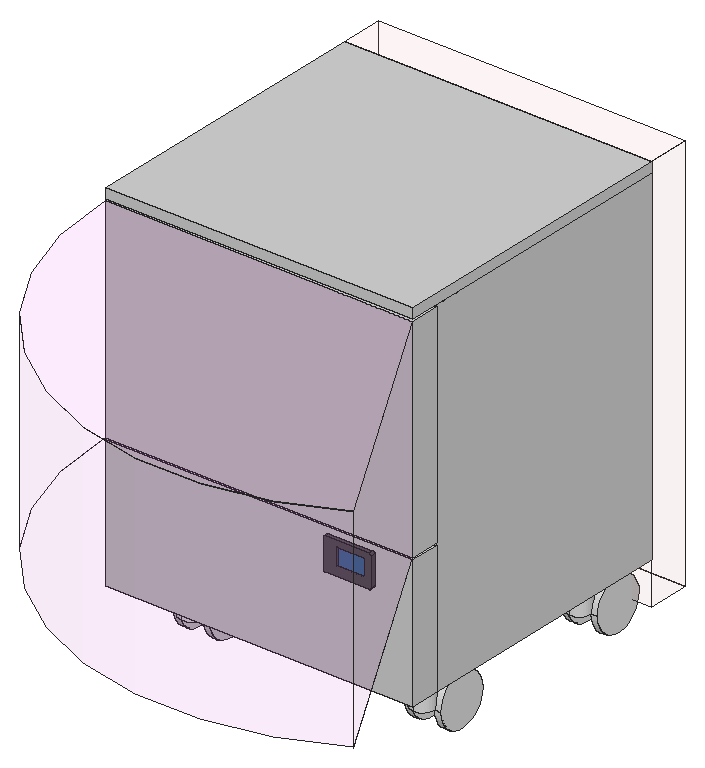
Revit family "Normann_ENTRY_ETR5A-R290", category Attrezzature speciali, Revit 2021 (continued)
Definition of nested family "Griglia_Entry_Lit"
  Lines and regions (mm)
    model lines, detail levels medium+fine
      curve 1371: line (494.528, -159.781, 0) -> (494.528, -189.781, 0)
      curve 1372: line (488.528, -159.781, 0) -> (494.528, -159.781, 0)
      curve 1373: line (488.528, -222.861, 0) -> (488.528, -192.861, 0)
      curve 1374: line (494.528, -222.861, 0) -> (488.528, -222.861, 0)
      curve 1375: line (494.528, -192.861, 0) -> (494.528, -222.861, 0)
      curve 1376: line (488.528, -192.861, 0) -> (494.528, -192.861, 0)
      curve 1377: line (488.528, -255.941, 0) -> (488.528, -225.941, 0)
      curve 1378: line (494.528, -255.941, 0) -> (488.528, -255.941, 0)
      curve 1379: line (494.528, -225.941, 0) -> (494.528, -255.941, 0)
      curve 1380: line (488.528, -225.941, 0) -> (494.528, -225.941, 0)
      curve 1381: line (497.128, -156.701, 0) -> (497.128, -126.701, 0)
      curve 1382: line (503.128, -156.701, 0) -> (497.128, -156.701, 0)
      curve 1383: line (503.128, -126.701, 0) -> (503.128, -156.701, 0)
      curve 1384: line (497.128, -126.701, 0) -> (503.128, -126.701, 0)
      curve 1385: line (497.128, -189.781, 0) -> (497.128, -159.781, 0)
      curve 1386: line (503.128, -189.781, 0) -> (497.128, -189.781, 0)
      curve 1387: line (503.128, -159.781, 0) -> (503.128, -189.781, 0)
      curve 1388: line (497.128, -159.781, 0) -> (503.128, -159.781, 0)
      curve 1389: line (497.128, -222.861, 0) -> (497.128, -192.861, 0)
      curve 1390: line (503.128, -222.861, 0) -> (497.128, -222.861, 0)
      curve 1391: line (503.128, -192.861, 0) -> (503.128, -222.861, 0)
      curve 1392: line (497.128, -192.861, 0) -> (503.128, -192.861, 0)
      curve 1393: line (497.128, -255.941, 0) -> (497.128, -225.941, 0)
      curve 1394: line (503.128, -255.941, 0) -> (497.128, -255.941, 0)
      curve 1395: line (503.128, -225.941, 0) -> (503.128, -255.941, 0)
      curve 1396: line (497.128, -225.941, 0) -> (503.128, -225.941, 0)
      curve 1397: line (505.728, -156.701, 0) -> (505.728, -126.701, 0)
      curve 1398: line (511.728, -156.701, 0) -> (505.728, -156.701, 0)
      curve 1399: line (511.728, -126.701, 0) -> (511.728, -156.701, 0)
      curve 1400: line (505.728, -126.701, 0) -> (511.728, -126.701, 0)
      curve 1401: line (505.728, -189.781, 0) -> (505.728, -159.781, 0)
      curve 1402: line (511.728, -189.781, 0) -> (505.728, -189.781, 0)
      curve 1403: line (511.728, -159.781, 0) -> (511.728, -189.781, 0)
      curve 1404: line (505.728, -159.781, 0) -> (511.728, -159.781, 0)
      curve 1405: line (505.728, -222.861, 0) -> (505.728, -192.861, 0)
      curve 1406: line (511.728, -222.861, 0) -> (505.728, -222.861, 0)
      curve 1407: line (511.728, -192.861, 0) -> (511.728, -222.861, 0)
      curve 1408: line (505.728, -192.861, 0) -> (511.728, -192.861, 0)
      curve 1409: line (505.728, -255.941, 0) -> (505.728, -225.941, 0)
      curve 1410: line (511.728, -255.941, 0) -> (505.728, -255.941, 0)
      curve 1411: line (511.728, -225.941, 0) -> (511.728, -255.941, 0)
      curve 1412: line (505.728, -225.941, 0) -> (511.728, -225.941, 0)
      curve 1413: line (514.328, -156.701, 0) -> (514.328, -126.701, 0)
      curve 1414: line (520.328, -156.701, 0) -> (514.328, -156.701, 0)
      curve 1415: line (520.328, -126.701, 0) -> (520.328, -156.701, 0)
      curve 1416: line (514.328, -126.701, 0) -> (520.328, -126.701, 0)
      curve 1417: line (514.328, -189.781, 0) -> (514.328, -159.781, 0)
      curve 1418: line (520.328, -189.781, 0) -> (514.328, -189.781, 0)
      curve 1419: line (520.328, -159.781, 0) -> (520.328, -189.781, 0)
      curve 1420: line (514.328, -159.781, 0) -> (520.328, -159.781, 0)
      curve 1421: line (514.328, -222.861, 0) -> (514.328, -192.861, 0)
      curve 1422: line (520.328, -222.861, 0) -> (514.328, -222.861, 0)
      curve 1423: line (520.328, -192.861, 0) -> (520.328, -222.861, 0)
      curve 1424: line (514.328, -192.861, 0) -> (520.328, -192.861, 0)
      curve 1425: line (514.328, -255.941, 0) -> (514.328, -225.941, 0)
      curve 1426: line (520.328, -255.941, 0) -> (514.328, -255.941, 0)
      curve 1427: line (520.328, -225.941, 0) -> (520.328, -255.941, 0)
      curve 1428: line (514.328, -225.941, 0) -> (520.328, -225.941, 0)
      curve 1429: line (522.928, -156.701, 0) -> (522.928, -126.701, 0)
      curve 1430: line (528.928, -156.701, 0) -> (522.928, -156.701, 0)
      curve 1431: line (528.928, -126.701, 0) -> (528.928, -156.701, 0)
      curve 1432: line (522.928, -126.701, 0) -> (528.928, -126.701, 0)
      curve 1433: line (522.928, -189.781, 0) -> (522.928, -159.781, 0)
      curve 1434: line (528.928, -189.781, 0) -> (522.928, -189.781, 0)
      curve 1435: line (528.928, -159.781, 0) -> (528.928, -189.781, 0)
      curve 1436: line (522.928, -159.781, 0) -> (528.928, -159.781, 0)
      curve 1437: line (522.928, -222.861, 0) -> (522.928, -192.861, 0)
      curve 1438: line (528.928, -222.861, 0) -> (522.928, -222.861, 0)
      curve 1439: line (528.928, -192.861, 0) -> (528.928, -222.861, 0)
      curve 1440: line (522.928, -192.861, 0) -> (528.928, -192.861, 0)
      curve 1441: line (522.928, -255.941, 0) -> (522.928, -225.941, 0)
      curve 1442: line (528.928, -255.941, 0) -> (522.928, -255.941, 0)
      curve 1443: line (528.928, -225.941, 0) -> (528.928, -255.941, 0)
      curve 1444: line (522.928, -225.941, 0) -> (528.928, -225.941, 0)
      curve 1445: line (564.128, -156.701, 0) -> (564.128, -126.701, 0)
      curve 1446: line (570.128, -156.701, 0) -> (564.128, -156.701, 0)
      curve 1447: line (570.128, -126.701, 0) -> (570.128, -156.701, 0)
      curve 1448: line (564.128, -126.701, 0) -> (570.128, -126.701, 0)
      curve 1449: line (564.128, -189.781, 0) -> (564.128, -159.781, 0)
      curve 1450: line (570.128, -189.781, 0) -> (564.128, -189.781, 0)
      curve 1451: line (570.128, -159.781, 0) -> (570.128, -189.781, 0)
      curve 1452: line (564.128, -159.781, 0) -> (570.128, -159.781, 0)
      curve 1453: line (564.128, -222.861, 0) -> (564.128, -192.861, 0)
      curve 1454: line (570.128, -222.861, 0) -> (564.128, -222.861, 0)
      curve 1455: line (570.128, -192.861, 0) -> (570.128, -222.861, 0)
      curve 1456: line (564.128, -192.861, 0) -> (570.128, -192.861, 0)
      curve 1457: line (564.128, -255.941, 0) -> (564.128, -225.941, 0)
      curve 1458: line (570.128, -255.941, 0) -> (564.128, -255.941, 0)
      curve 1459: line (570.128, -225.941, 0) -> (570.128, -255.941, 0)
      curve 1460: line (564.128, -225.941, 0) -> (570.128, -225.941, 0)
      curve 1461: line (572.728, -156.701, 0) -> (572.728, -126.701, 0)
      curve 1462: line (578.728, -156.701, 0) -> (572.728, -156.701, 0)
      curve 1463: line (578.728, -126.701, 0) -> (578.728, -156.701, 0)
      curve 1464: line (572.728, -126.701, 0) -> (578.728, -126.701, 0)
      curve 1465: line (572.728, -189.781, 0) -> (572.728, -159.781, 0)
      curve 1466: line (578.728, -189.781, 0) -> (572.728, -189.781, 0)
      curve 1467: line (578.728, -159.781, 0) -> (578.728, -189.781, 0)
      curve 1468: line (572.728, -159.781, 0) -> (578.728, -159.781, 0)
      curve 1469: line (572.728, -222.861, 0) -> (572.728, -192.861, 0)
      curve 1470: line (578.728, -222.861, 0) -> (572.728, -222.861, 0)
      curve 1471: line (578.728, -192.861, 0) -> (578.728, -222.861, 0)
      curve 1472: line (572.728, -192.861, 0) -> (578.728, -192.861, 0)
      curve 1473: line (572.728, -255.941, 0) -> (572.728, -225.941, 0)
      curve 1474: line (578.728, -255.941, 0) -> (572.728, -255.941, 0)
      curve 1475: line (578.728, -225.941, 0) -> (578.728, -255.941, 0)
      curve 1476: line (572.728, -225.941, 0) -> (578.728, -225.941, 0)
      curve 1477: line (581.328, -156.701, 0) -> (581.328, -126.701, 0)
      curve 1478: line (587.328, -156.701, 0) -> (581.328, -156.701, 0)
      curve 1479: line (587.328, -126.701, 0) -> (587.328, -156.701, 0)
      curve 1480: line (581.328, -126.701, 0) -> (587.328, -126.701, 0)
      curve 1481: line (581.328, -189.781, 0) -> (581.328, -159.781, 0)
      curve 1482: line (587.328, -189.781, 0) -> (581.328, -189.781, 0)
      curve 1483: line (587.328, -159.781, 0) -> (587.328, -189.781, 0)
      curve 1484: line (581.328, -159.781, 0) -> (587.328, -159.781, 0)
      curve 1485: line (581.328, -222.861, 0) -> (581.328, -192.861, 0)
      curve 1486: line (587.328, -222.861, 0) -> (581.328, -222.861, 0)
      curve 1487: line (587.328, -192.861, 0) -> (587.328, -222.861, 0)
      curve 1488: line (581.328, -192.861, 0) -> (587.328, -192.861, 0)
      curve 1489: line (581.328, -255.941, 0) -> (581.328, -225.941, 0)
      curve 1490: line (587.328, -255.941, 0) -> (581.328, -255.941, 0)
      curve 1491: line (587.328, -225.941, 0) -> (587.328, -255.941, 0)
      curve 1492: line (581.328, -225.941, 0) -> (587.328, -225.941, 0)
      curve 1493: line (589.928, -156.701, 0) -> (589.928, -126.701, 0)
      curve 1494: line (595.928, -156.701, 0) -> (589.928, -156.701, 0)
      curve 1495: line (595.928, -126.701, 0) -> (595.928, -156.701, 0)
      curve 1496: line (589.928, -126.701, 0) -> (595.928, -126.701, 0)
      curve 1497: line (589.928, -189.781, 0) -> (589.928, -159.781, 0)
      curve 1498: line (595.928, -189.781, 0) -> (589.928, -189.781, 0)
      curve 1499: line (595.928, -159.781, 0) -> (595.928, -189.781, 0)
      curve 1500: line (589.928, -159.781, 0) -> (595.928, -159.781, 0)
      curve 1501: line (589.928, -222.861, 0) -> (589.928, -192.861, 0)
      curve 1502: line (595.928, -222.861, 0) -> (589.928, -222.861, 0)
      curve 1503: line (595.928, -192.861, 0) -> (595.928, -222.861, 0)
      curve 1504: line (589.928, -192.861, 0) -> (595.928, -192.861, 0)
      curve 1505: line (589.928, -255.941, 0) -> (589.928, -225.941, 0)
      curve 1506: line (595.928, -255.941, 0) -> (589.928, -255.941, 0)
      curve 1507: line (595.928, -225.941, 0) -> (595.928, -255.941, 0)
      curve 1508: line (589.928, -225.941, 0) -> (595.928, -225.941, 0)
      curve 1509: line (598.528, -156.701, 0) -> (598.528, -126.701, 0)
      curve 1510: line (604.528, -156.701, 0) -> (598.528, -156.701, 0)
      curve 1511: line (604.528, -126.701, 0) -> (604.528, -156.701, 0)
      curve 1512: line (598.528, -126.701, 0) -> (604.528, -126.701, 0)
      curve 1513: line (598.528, -189.781, 0) -> (598.528, -159.781, 0)
      curve 1514: line (604.528, -189.781, 0) -> (598.528, -189.781, 0)
      curve 1515: line (604.528, -159.781, 0) -> (604.528, -189.781, 0)
      curve 1516: line (598.528, -159.781, 0) -> (604.528, -159.781, 0)
      curve 1517: line (598.528, -222.861, 0) -> (598.528, -192.861, 0)
      curve 1518: line (604.528, -222.861, 0) -> (598.528, -222.861, 0)
      curve 1519: line (604.528, -192.861, 0) -> (604.528, -222.861, 0)
      curve 1520: line (598.528, -192.861, 0) -> (604.528, -192.861, 0)
      curve 1521: line (598.528, -255.941, 0) -> (598.528, -225.941, 0)
      curve 1522: line (604.528, -255.941, 0) -> (598.528, -255.941, 0)
      curve 1523: line (604.528, -225.941, 0) -> (604.528, -255.941, 0)
      curve 1524: line (598.528, -225.941, 0) -> (604.528, -225.941, 0)
      curve 1525: line (186.083, -57.762, 0) -> (186.083, -27.762, 0)
      curve 1526: line (192.083, -57.762, 0) -> (186.083, -57.762, 0)
      curve 1527: line (192.083, -27.762, 0) -> (192.083, -57.762, 0)
      curve 1528: line (186.083, -27.762, 0) -> (192.083, -27.762, 0)
      curve 1529: line (186.083, -90.842, 0) -> (186.083, -60.842, 0)
      curve 1530: line (192.083, -90.842, 0) -> (186.083, -90.842, 0)
      curve 1531: line (192.083, -60.842, 0) -> (192.083, -90.842, 0)
      curve 1532: line (186.083, -60.842, 0) -> (192.083, -60.842, 0)
      curve 1533: line (186.083, -123.922, 0) -> (186.083, -93.922, 0)
      curve 1534: line (192.083, -123.922, 0) -> (186.083, -123.922, 0)
      curve 1535: line (192.083, -93.922, 0) -> (192.083, -123.922, 0)
      curve 1536: line (186.083, -93.922, 0) -> (192.083, -93.922, 0)
      curve 1537: line (186.083, -157.002, 0) -> (186.083, -127.002, 0)
      curve 1538: line (192.083, -157.002, 0) -> (186.083, -157.002, 0)
      curve 1539: line (192.083, -127.002, 0) -> (192.083, -157.002, 0)
      curve 1540: line (186.083, -127.002, 0) -> (192.083, -127.002, 0)
      curve 1541: line (186.083, -190.082, 0) -> (186.083, -160.082, 0)
      curve 1542: line (192.083, -190.082, 0) -> (186.083, -190.082, 0)
      curve 1543: line (192.083, -160.082, 0) -> (192.083, -190.082, 0)
      curve 1544: line (186.083, -160.082, 0) -> (192.083, -160.082, 0)
      curve 1545: line (186.083, -223.162, 0) -> (186.083, -193.162, 0)
      curve 1546: line (192.083, -223.162, 0) -> (186.083, -223.162, 0)
      curve 1547: line (192.083, -193.162, 0) -> (192.083, -223.162, 0)
      curve 1548: line (186.083, -193.162, 0) -> (192.083, -193.162, 0)
      curve 1549: line (186.083, -256.242, 0) -> (186.083, -226.242, 0)
      curve 1550: line (192.083, -256.242, 0) -> (186.083, -256.242, 0)
      curve 1551: line (192.083, -226.242, 0) -> (192.083, -256.242, 0)
      curve 1552: line (186.083, -226.242, 0) -> (192.083, -226.242, 0)
  Dimensions and locks
    aligned and locked: plane 2 to Extrusion 1
    aligned and locked: level to Extrusion 1
Types (5, lengths in mm): name | Wheel_Feet | Wheel | ID | Height_Feet_Actual | Height Actual | Feet
  (no name) | yes | yes | "5A1D1D3B1-05A2D" | 100 | 931 | no
  ENTRY5 AIR, R290, 220-240/1N/50, EVJ805, LHH, FEET | no | no | "5A1D1D3B1-05A1B" | 125 | 947 | yes
  ENTRY5 AIR, R290, 220-240/1N/50, EVJ805, LHH, WHEELS | yes | yes | "5A1D1D3B1-05A1D" | 100 | 931 | no
  ENTRY5 AIR, R290, 220-240/1N/50, EVJ805, RHH, FEET | no | no | "5A1D1D3B1-05A2B" | 125 | 947 | yes
  ENTRY5 AIR, R290, 220-240/1N/50, EVJ805, RHH, WHEELS | yes | yes | "5A1D1D3B1-05A2D" | 100 | 931 | no
